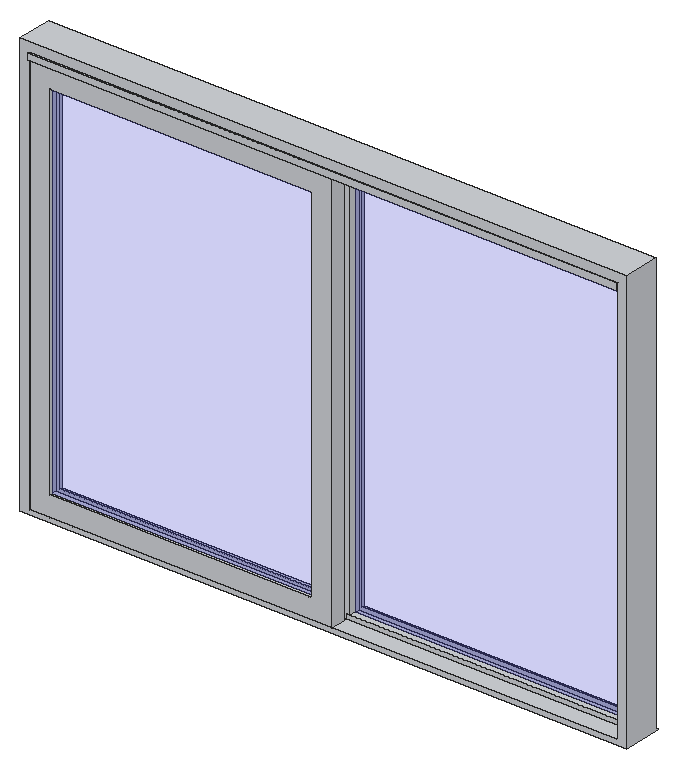
Revit family "9705_Skydedør_Højre_Coto62", category Doors, host Wall, Revit 2016
Family settings
  Host = Wall
  OmniClass Number = 23.30.10.00
  OmniClass Title = Doors
  Always vertical = Yes
  Cut with Voids When Loaded = No
  Shared = No
  Room Calculation Point = No
Parameters (values of type "3000x2100mm")
  maxright [instance] = 1650 mm
  Width right leaf [instance] = if(maxright > (Width / 2), Width / 2, maxright)  # 1500 mm
  Sash placement in wall = Placement in wall + 176 mm  # 226 mm
  Rough Width = Width + (Joint * 2)  # 3024 mm
  Rough Height = Height + (Joint * 2)  # 2124 mm
  Placement in wall = 50 mm
  Manufacturer = "www.kronevinduer.dk"
  Joint = 12 mm
  Glass panel Material [instance] = Glass
  Function = Interior
  Frame Projection Ext. = 25 mm
  Frame Projection Int. = 25 mm
  Frame Width = 75 mm
  Height = 2100 mm
  Wall Closure = By host
  Width = 3000 mm
  Bottom Placement = Placement in wall + 59 mm  # 109 mm
Reference planes
  plane 1: y = 0
  plane 2 "Center (Left/Right)": x = 0
  plane 3 "Left": x = -1500
  plane 4 "Right": x = 1500
  plane 5: z = 2100
  plane 6 "Exterior": y = 75
  plane 7 "Interior": y = -75
  plane 8: x = 1488
  plane 9: x = -1488
  plane 10: z = 2088
  plane 11: z = 12
  plane 12: y = 25
  plane 13: x = 12
  plane 14: y = -34
  plane 15: z = 2015
  plane 16: z = 32
  plane 17: x = 41.5
  plane 18: z = 23
Forms (mm)
  Sweep 1, solid
    path origin (0, 75, 0) x (1, 0, 0) y (0, 0, 1)
      loop
        line (1488, 12) -> (-1488, 12)
    profile "ALU_BOTTOM_INward : ALU_BOTTOM_INward" origin (0, 75, 12) x (0, 0, -1) y (0, -1, 0)
      loop
        line (0, 158) -> (-1.763, 158) -> (-11, 119) -> (-6.25, 119) -> (-6.25, 109) -> (-24.621, 109) -> (-24.621, 107) -> (-20.949, 107) -> (-5.5, 39) -> (0, 39) -> (0, 158)
  Sweep 2, solid
    path origin (0, 75, 0) x (1, 0, 0) y (0, 0, 1)
      loop
        line (1488, 12) -> (1488, 2088) -> (-1488, 2088) -> (-1488, 12)
    profile "COto 62 ALU_WOOD_FRAME 45x176MM : COto 62 ALU_WOOD_FRAME 45x176MM" origin (1488, 75, 1050) x (-1, 0, 0) y (0, -1, 0)
      loop
        line (0, 226) -> (0, 50) -> (45, 50) -> (45, 61) -> (27, 61) -> (27, 109) -> (45, 109) -> (45, 226) -> (0, 226)
  Sweep 3, solid
    path origin (0, 75, 0) x (1, 0, 0) y (0, 0, 1)
      loop
        line (12, 12) -> (12, 2088)
    profile "COto 62 ALU_WOOD_MULLION_INward_right : COto 62 ALU_WOOD_MULLION_INward_right" origin (12, 75, 1050) x (-1, 0, 0) y (0, -1, 0)
      loop
        line (45.5, 146.5) -> (17.5, 146.5) -> (17.5, 136) -> (-45.5, 136) -> (-45.5, 109) -> (-27.5, 109) -> (-27.5, 61) -> (-45.5, 61) -> (-45.5, 50) -> (45.5, 50) -> (45.5, 146.5)
  Sweep 4, solid
    path origin (0, 75, 0) x (1, 0, 0) y (0, 0, 1)
      loop
        line (41.5, 32) -> (41.5, 2015) -> (-1443, 2015) -> (-1443, 32) -> (41.5, 32)
    profile "COto 62 ALU_WOOD_SASH_slidingDOOR_INward : COto 62 ALU_WOOD_SASH_slidingDOOR_INward" origin (41.5, 75, 1023.5) x (-1, 0, 0) y (0, -1, 0)
      loop
        line (99, 226) -> (0, 226) -> (0, 152) -> (99, 152) -> (99, 163) -> (81, 163) -> (81, 211) -> (99, 211) -> (99, 226)
  Extrusion 5, solid, material "Glass"
    sketch origin (0, 0, 0) x (0, 1, 0) y (0, 0, 1)
      loop
        line (-88, 113) -> (-88, 1934) -> (-136, 1934) -> (-136, 113) -> (-88, 113)
    from -1362 to -39.5
  Extrusion 6, solid, material "Glass"
    sketch origin (0, 0, 0) x (0, 1, 0) y (0, 0, 1)
      loop
        line (-34, 32) -> (14, 32) -> (14, 2061) -> (-34, 2061) -> (-34, 32)
    from 39.5 to 1461
  Sweep 7, solid
    path origin (0, 75, 0) x (1, 0, 0) y (0, 0, 1)
      loop
        line (1488, 12) -> (41.5, 12)
    profile "COto 62 ALU_WOOD_FRAME 45x176MM_S-door : COto 62 ALU_WOOD_FRAME 45x176MM_S-door" origin (764.75, 75, 12) x (0, 0, -1) y (0, -1, 0)
      loop
        line (0, 226) -> (-20, 226) -> (-20, 136.3) -> (-45, 136.3) -> (-45, 109) -> (-27, 109) -> (-27, 61) -> (-45, 61) -> (-45, 50) -> (0, 50) -> (0, 226)
  Sweep 8, solid
    path origin (0, 75, 0) x (1, 0, 0) y (0, 0, 1)
      loop
        line (41.5, 12) -> (-1488, 12)
    profile "COto 62 ALU_WOOD_SASHBottom_slidingDOOR_INward : COto 62 ALU_WOOD_SASHBottom_slidingDOOR_INward" origin (-723.25, 75, 12) x (0, 0, -1) y (0, -1, 0)
      loop
        line (-20, 226) -> (-20, 136.3) -> (0, 136.3) -> (0, 226) -> (-20, 226)
  Sweep 9, solid
    path origin (0, 75, 0) x (1, 0, 0) y (0, 0, 1)
      loop
        line (-1443, 2043) -> (1443, 2043)
    profile "ALU_PROFIL_OVER_SASH : ALU_PROFIL_OVER_SASH" origin (0, 75, 2043) x (0, 0, 1) y (0, -1, 0)
      loop
        line (0, 175.5) -> (0, 232.5) -> (-33.75, 232.5) -> (-33.75, 230.25) -> (-2.3, 230.25) -> (-2.3, 197.25) -> (-33.75, 197.25) -> (-33.75, 194.95) -> (-2.3, 194.95) -> (-2.3, 175.5) -> (0, 175.5)
  Sweep 10, solid
    path origin (0, 75, 0) x (1, 0, 0) y (0, 0, 1)
      loop
        line (-1443, 23) -> (-1443, 2043)
    profile "ALU_PROFIL_SIDE_FRAME_right : ALU_PROFIL_SIDE_FRAME_right" origin (-1443, 75, 1033) x (-1, 0, 0) y (0, -1, 0)
      loop
        line (0, 50) -> (18, 50) -> (18, 109) -> (2.3, 109) -> (2.3, 144.2) -> (12, 144.2) -> (12, 146.5) -> (0, 146.5) -> (0, 50)
Cuts and joins
  joined: Sweep 1, Sweep 2, Sweep 3, Sweep 7, Sweep 8, Sweep 10
Lines and regions (mm)
  Opening 1
    outline origin (-3050, -75, 0) x (1, 0, 0) y (0, 0, 1)
      loop
        line (1550, 0) -> (4550, 0) -> (4550, 2100) -> (1550, 2100) -> (1550, 0)
  symbolic lines
    curve 1: line (-1110.474, -75, 1117.161) -> (-272.474, -75, 1117.161)
    curve 2: line (-272.474, -75, 1117.161) -> (-300.759, -75, 1145.445)
    curve 3: line (-272.474, -75, 1117.161) -> (-300.759, -75, 1088.876)
  symbolic lines, style "Doors"
    curve 4: line (-1099.049, -207.92, 0) -> (-261.049, -207.92, 0)
    curve 5: line (-261.049, -207.92, 0) -> (-289.333, -179.636, 0)
    curve 6: line (-261.049, -207.92, 0) -> (-289.333, -236.205, 0)
Text (mm)
  text "Exterior" at (-2295.016, 1099.543, 0), in view "Ref. Level"
  text "Exterior" at (0, 1615.38, 3698.081), in view "Left"
  text "Exterior" at (0, 1036.032, 3874.932), in view "Right"
Dimensions and locks
  equal spacing: plane 3 "Left", plane 2 "Center (Left/Right)", plane 4 "Right"
  "Width": plane 3 "Left" to plane 4 "Right"
  "Height": plane 5 to host wall
  host wall to plane 5 = 2100 mm  (x2)
  locked: plane 6 "Exterior" to host wall at 0
  locked: plane 7 "Interior" to host wall
  "Joint": plane 8 to plane 4 "Right"
  "Joint": plane 3 "Left" to plane 9
  "Joint": plane 10 to plane 5
  "Joint": level to plane 11
  "Placement in wall": host wall to plane 12
  "Bottom Placement": host wall to plane 14
  locked: plane 15 to Sweep 2 at 28
  plane 11 to plane 16 = 20 mm
  locked: plane 13 to plane 17 at 29.5
  "Width right leaf": plane 9 to plane 13
  locked: plane 10 to plane 15 at 73
  aligned and locked: plane 3 "Left" to Opening 1 sketch curve
  aligned and locked: plane 5 to Opening 1 sketch curve  (x2)
  aligned and locked: Opening 1 sketch curve to plane 4 "Right"
  aligned and locked: Opening 1 sketch curve to level
  aligned and locked: plane 1 to host wall
  aligned and locked: Extrusion 5 sketch curve to Sweep 4  (x2)
  aligned and locked: Extrusion 5 to Sweep 4  (x4)
  aligned and locked: Extrusion 6 sketch curve to cut or joined group of Sweep 1, Sweep 2, Sweep 3, Sweep 7, Sweep 8, Sweep 10  (x2)
  aligned and locked: Extrusion 6 to cut or joined group of Sweep 1, Sweep 2, Sweep 3, Sweep 7, Sweep 8, Sweep 10  (x3)
  aligned and locked: Extrusion 6 to plane 16
  aligned and locked: Sweep 7 sketch curve to cut or joined group of Sweep 1, Sweep 2, Sweep 3, Sweep 7, Sweep 8, Sweep 10
  aligned and locked: plane 17 to Sweep 8 sketch curve
  aligned and locked: Sweep 9 sketch curve to cut or joined group of Sweep 1, Sweep 2, Sweep 3, Sweep 7, Sweep 8, Sweep 10
  aligned and locked: Sweep 10 sketch curve to Sweep 4
Automatic sketch dimensions
  plane 9 to Sweep 1 sketch curve = 0 mm
  plane 8 to Sweep 1 sketch curve = 0 mm
  Sweep 1 sketch curve to plane 11 = 0 mm
  plane 9 to Sweep 2 sketch curve = 0 mm
  plane 8 to Sweep 2 sketch curve = 0 mm
  Sweep 2 sketch curve to plane 11 = 0 mm  (x2)
  Sweep 2 sketch curve to plane 10 = 0 mm
  Sweep 3 sketch curve to plane 10 = 0 mm
  plane 13 to Sweep 3 sketch curve = 0 mm
  Sweep 3 sketch curve to plane 11 = 0 mm
  Sweep 4 sketch curve to plane 15 = 0 mm
  Sweep 4 sketch curve to plane 16 = 0 mm
  Sweep 4 sketch curve to plane 9 = 45 mm
  Sweep 4 sketch curve to plane 13 = 29.5 mm
  level to Extrusion 5 sketch curve = 113 mm
  plane 5 to Extrusion 5 sketch curve = 166 mm
  level to Extrusion 6 sketch curve = 32 mm
  plane 5 to Extrusion 6 sketch curve = 39 mm
  plane 17 to Sweep 7 sketch curve = 0 mm
  plane 8 to Sweep 7 sketch curve = 0 mm
  plane 9 to Sweep 8 sketch curve = 0 mm
  Sweep 8 sketch curve to plane 11 = 0 mm
  Sweep 9 sketch curve to plane 9 = 45 mm
  plane 8 to Sweep 9 sketch curve = 45 mm
  Sweep 10 sketch curve to plane 18 = 0 mm
  plane 15 to Sweep 10 sketch curve = 28 mm
  curve 2 to plane 2 "Center (Left/Right)" = 272.474 mm
  curve 2 to plane 15 = 897.839 mm
  curve 3 to curve 1 = 28.284 mm  (x2)
  curve 2 to curve 1 = 28.284 mm
  curve 1 to plane 9 = 377.526 mm
  host wall to curve 6 = 132.92 mm
  curve 6 to plane 2 "Center (Left/Right)" = 261.049 mm
  curve 6 to curve 4 = 28.284 mm
  host wall to curve 5 = 104.636 mm
  curve 5 to curve 4 = 28.284 mm
  curve 4 to plane 9 = 388.951 mm
